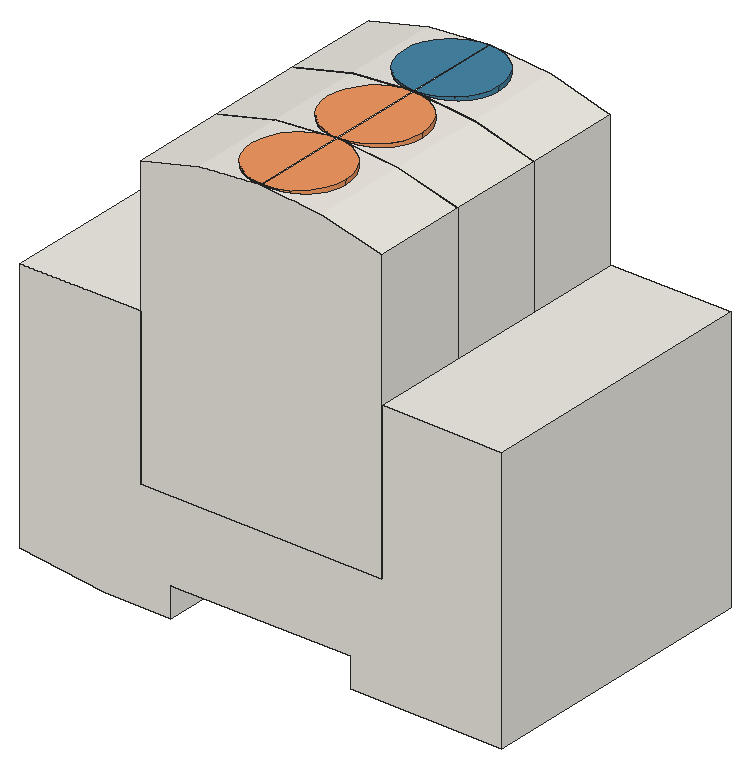
Revit family "Überspannungsableiter V20, 2-polig+NPE und FS", category Generic Models, Revit 2015
Parameters (values of type "V20-2+NPE+FS-280")
  Width = 90 mm
  URL = "http://www.obo-bettermann.com"
  Material 3 = PA 66/6 FR HF RAL 5017
  Material 2 = PA 66/6 FR HF RAL 2003
  Material = PA 66/6 FR HF RAL 9010
  Manufacturer Art.No. = "5095332"
  Manufacturer = "OBO Bettermann"
  Length = 53.4 mm
  Height = 78.5 mm
  GTIN = "4012196163243"
  Article Type = "V20-2+NPE+FS-280"
Types (3, lengths in mm): name | Manufacturer Art.No. | GTIN | Article Type
  (no name) | "5095332" | "4012196163243" | "V20-2+NPE+FS-280"
  V20-2+NPE+FS-150 | "5095322" | "4012196162963" | "V20-2+NPE+FS-150"
  V20-2+NPE+FS-280 | "5095332" | "4012196163243" | "V20-2+NPE+FS-280"
Reference planes
  plane 1 "Center (Front/Back)": y = 0
  plane 2: z = 0
  plane 3 "Center (Left/Right)": x = 0
  plane 4: y = 17.8
  plane 5: z = 78.5
  plane 6: z = 78.5
  plane 7: z = 77.5
  plane 8: y = 35.6
  plane 9: y = 53.4
Forms (mm)
  Extrusion 1, solid, material "PA 66/6 FR HF RAL 9010" <- "Material"
    sketch origin (0, 0, 0) x (1, 0, 0) y (0, 0, 1)
      loop
        line (-29.35, 0) -> (-16.75, 0) -> (-16.75, 5.5) -> (16.75, 5.5) -> (16.75, 0) -> (45, 0) -> (45, 49.5) -> (22.5, 49.5) -> (22.5, 20.5) -> (-22.5, 20.5) -> (-22.5, 49.5) -> (-45, 49.5) -> (-45, 1.922) -> (-29.35, 0)
    from -53.4 to 0
  Extrusion 2, solid, material "PA 66/6 FR HF RAL 9010" <- "Material"
    sketch origin (0, 0, 0) x (1, 0, 0) y (0, 0, 1)
      loop
        line (-22.5, 20.5) -> (22.5, 20.5) -> (22.5, 74.639)
        arc (22.5, 74.639) -> (0, 78.5) -> (-22.5, 74.639) r 67.488
        line (-22.5, 74.639) -> (-22.5, 20.5)
    from -17.8 to 0
  Extrusion 3, solid, material "PA 66/6 FR HF RAL 2003" <- "Material 2"
    sketch origin (0, 0, 0) x (1, 0, 0) y (0, 1, 0)
      loop
        circle (0, 8.9) r 8.75
    from 77.5 to 78.5
  Extrusion 4, solid, material "PA 66/6 FR HF RAL 9010" <- "Material"
    sketch origin (0, 0, 0) x (1, 0, 0) y (0, 0, 1)
      loop
        line (-22.5, 74.639) -> (-22.5, 20.5) -> (22.5, 20.5) -> (22.5, 74.639)
        arc (22.5, 74.639) -> (0, 78.5) -> (-22.5, 74.639) r 67.488
    from -35.6 to -17.8
  Extrusion 5, solid, material "PA 66/6 FR HF RAL 2003" <- "Material 2"
    sketch origin (0, 0, 0) x (1, 0, 0) y (0, 1, 0)
      loop
        circle (0, 26.7) r 8.8
    from 77.5 to 78.5
  Extrusion 6, solid, material "PA 66/6 FR HF RAL 9010" <- "Material"
    sketch origin (0, 0, 0) x (1, 0, 0) y (0, 0, 1)
      loop
        line (-22.5, 74.639) -> (-22.5, 20.5) -> (22.5, 20.5) -> (22.5, 74.639)
        arc (22.5, 74.639) -> (0, 78.5) -> (-22.5, 74.639) r 67.488
    from -53.4 to -35.6
  Extrusion 7, solid, material "PA 66/6 FR HF RAL 5017" <- "Material 3"
    sketch origin (0, 0, 0) x (1, 0, 0) y (0, 1, 0)
      loop
        circle (0, 44.5) r 8.8
    from 77.5 to 78.5
Dimensions and locks
  locked: Extrusion 1 sketch curve to Extrusion 1 sketch curve at 33.5
  locked: plane 3 "Center (Left/Right)" to Extrusion 1 sketch curve at 16.75
  locked: Extrusion 1 sketch curve to level at 5.5
  "Width": Extrusion 1 sketch curve to Extrusion 1 sketch curve
  equal spacing: Extrusion 1 sketch curve, plane 3 "Center (Left/Right)", Extrusion 1 sketch curve, locked at 45 each
  locked: Extrusion 1 sketch curve to Extrusion 1 sketch curve at 44
  locked: Extrusion 1 sketch curve to Extrusion 1 sketch curve at 45
  equal spacing: Extrusion 1 sketch curve, plane 3 "Center (Left/Right)", Extrusion 1 sketch curve, locked at 22.5 each
  locked: Extrusion 1 sketch curve to Extrusion 1 sketch curve at 29
  locked: Extrusion 1 sketch curve to Extrusion 1 sketch curve at 15.65
  locked: Extrusion 1 sketch curve to level at 1.922
  "Height": plane 5 to level
  locked: Extrusion 2 sketch curve to Extrusion 1 at 54.139
  locked: Extrusion 2 to Extrusion 3 sketch curve at 8.9
  "Height": plane 6 to level
  locked: plane 6 to plane 7 at 1
  locked: plane 4 to plane 1 "Center (Front/Back)" at 17.8
  Extrusion 4 to Extrusion 5 sketch curve = 8.9 mm
  locked: plane 8 to plane 4 at 17.8
  "Length": plane 9 to plane 1 "Center (Front/Back)"
  locked: Extrusion 6 to Extrusion 7 sketch curve at 8.9
  radius of Extrusion 2 sketch curve = 67.488 mm
  radius of Extrusion 3 sketch curve = 8.75 mm
  radius of Extrusion 5 sketch curve = 8.8 mm
  radius of Extrusion 7 sketch curve = 8.8 mm
  aligned and locked: level to plane 2
  aligned and locked: Extrusion 1 sketch curve to level  (x2)
  aligned and locked: Extrusion 1 sketch curve to Extrusion 1 sketch curve
  aligned and locked: plane 1 "Center (Front/Back)" to Extrusion 1
  aligned and locked: Extrusion 2 sketch curve to Extrusion 1  (x3)
  aligned and locked: Extrusion 2 sketch curve to Extrusion 2 sketch curve
  aligned and locked: plane 1 "Center (Front/Back)" to Extrusion 2
  aligned and locked: plane 6 to Extrusion 3
  aligned and locked: Extrusion 3 to plane 7
  aligned and locked: Extrusion 4 sketch curve to Extrusion 2  (x4)
  aligned and locked: Extrusion 4 to plane 4
  aligned and locked: Extrusion 5 to Extrusion 3  (x2)
  aligned and locked: plane 9 to Extrusion 1
  aligned and locked: Extrusion 6 sketch curve to Extrusion 2  (x4)
  aligned and locked: Extrusion 1 to Extrusion 6
  aligned and locked: Extrusion 6 to plane 8
  aligned and locked: Extrusion 7 to Extrusion 3  (x2)
Automatic sketch dimensions
  Extrusion 3 sketch curve to plane 3 "Center (Left/Right)" = 0 mm
  Extrusion 5 sketch curve to plane 3 "Center (Left/Right)" = 0 mm
  Extrusion 7 sketch curve to plane 3 "Center (Left/Right)" = 0 mm
